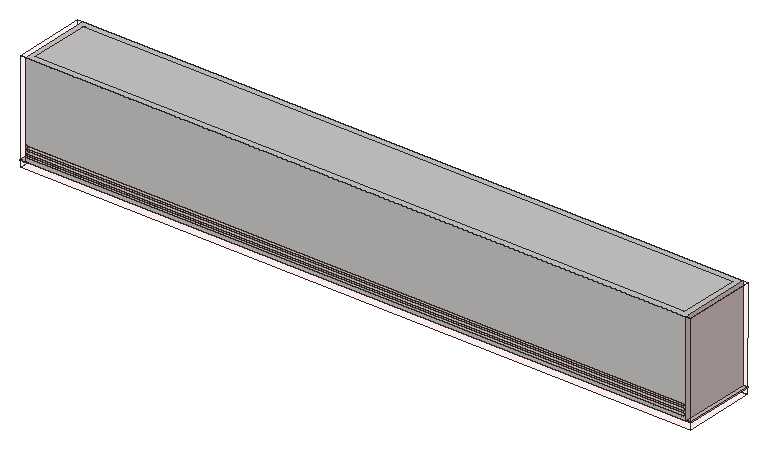
Revit family "Air-Curtain_Specialty_PoweredAire_HDX-Hazardous", category Mechanical Equipment, host Face, Revit 2019
Family settings
  Host = Face
  Round Connector Dimension = Use Diameter
  Part Type = Normal
  OmniClass Number = 23.75.35.17.21
  OmniClass Title = Air Curtains
  Cut with Voids When Loaded = No
  Shared = No
  Room Calculation Point = No
Parameters (values of type "192'' Nozzle")
  Warranty Duration (Years) = 0
  Unit Width Notes = "Other Widths available."  # constant formula
  Unit Width = 16' - 3 1/4"
  Unit Weight = 1170
  Unit Height = 1' - 9"
  Unit Depth = 2' - 3 1/4"
  URL = "http://www.poweredaire.com/"
  Test Data = ""
  Standards Conformance = "Class I C and D  ;  Class II F and G  ;  Made in USA"
  Specification = "http://www.arcat.com/sdspecs/htm04/23_34_33pai.htm"
  SpecWizard = ""
  Sound Pressure = ">69 dBA"
  Sales Information = "http://www.poweredaire.com/contact_us"
  Revision = "R1_2016-08"
  Projection from Host [instance] = 0' - 2"
  Product Properties = ""
  Product Data = "http://www.arcat.com/arcatcos/cos47/arc47623.html"
  Power Rating = 0 W
  Nozzle Width = if(1 = 1, Unit Width - 0' 3", 0' 0")  # 16' - 0 1/4"
  Mounting Width = if(1 = 1, Unit Width - 0' 1 1/2", 0' 0")  # 16' - 1 3/4"
  Mounting Height [instance] = 3' - 6"
  Motor RPM = 1160
  Motor HP = 3
  Motor Count = 3
  Model = "HDX-3-192"
  Max Height = 17' - 0"
  Manufacturer Website = "http://www.poweredaire.com/"
  Manufacturer Phone - Toll Free = "888-321-2473"
  Manufacturer Phone = "724-588-3305"
  Manufacturer Fax = "724-588-3371"
  Manufacturer Address = "109 Mortensen Rd.  Greenville, PA 16125"
  Manufacturer = "Powered Aire, Inc"
  Maintenance Schedule (Months) = 0
  Keynote = "23 34 33"
  Installation-Fabrication = ""
  Installation Phase = ""
  Include Clearance [instance] = yes
  Heating Element Load = 0 W
  HVAC_Temperature Rise = 0 °F
  HVAC_Outlet Volume = 15700 CFM
  HVAC_Outlet Velocity Uniformity = 0.863
  HVAC_Outlet Velocity = 6200 FPM
  Green Building-LEED = "http://www.arcat.com/green/clients/leed_data_47623.html"
  Front Grating Material [instance] = Metal - Steel - PoweredAire - Stainless 304 Perforated
  Frame Finish [instance] = Metal - Steel - PoweredAire - Stainless 304
  Expected Lifespan (Years) = 0
  Electrical_Wattage [instance] = Power Rating + Heating Element Load  # 0 W
  Electrical_Voltage [instance] = 0 V
  Electrical_Phase [instance] = 1
  Electrical_Frequency [instance] = 0 Hz
  Electrical_Amperage [instance] = 0 A
  Drawn By = "Sumex Design, Inc. / Robert S. Weygant, CSI, CDT, SCIP"
  Description = "Powered Aire Unheated Hazardous Area Air Curtain - HDX-3-192 as Specified"
  Default Elevation = 0' - 0"  # constant formula
  Copyright = "©Arcat Inc."
  Construction Details = "http://www.arcat.com/details/powair/prod3336.html"
  Clearance_Top [instance] = 0' - 0"
  Clearance_Side B [instance] = 0' - 0"
  Clearance_Side A [instance] = 0' - 0"
  Clearance_Intake [instance] = 0' - 0"
  Clearance_Bottom [instance] = 0' - 0"
  Clearance Material [instance] = ARCAT Clearance
  Building Codes = ""
  Available Options [instance] = "as Specified"
  Assembly Code = "D3090400"
Types (7): name | Unit Width | Unit Weight | Sound Pressure | Nozzle Width | Mounting Width | Motor Count | Model | HVAC_Outlet Volume | HVAC_Outlet Velocity Uniformity | HVAC_Outlet Velocity | Description
  192'' Nozzle | 16' - 3 1/4" | 1170 | ">69 dBA" | 16' - 0 1/4" | 16' - 1 3/4" | 3 | "HDX-3-192" | 15700 CFM | 0.863 | 6200 FPM | "Powered Aire Unheated Hazardous Area Air Curtain - HDX-3-192 as Specified"
  180'' Nozzle | 15' - 3 1/4" | 1150 | ">69 dBA" | 15' - 0 1/4" | 15' - 1 3/4" | 3 | "HDX-3-180" | 15000 CFM | 0.863 | 6200 FPM | "Powered Aire Unheated Hazardous Area Air Curtain - HDX-3-180 as Specified"
  144'' Nozzle | 12' - 3 1/8" | 830 | ">69 dBA" | 12' - 0 1/8" | 12' - 1 5/8" | 2 | "HDX-2-144" | 11200 CFM | 0.863 | 5900 FPM | "Powered Aire Unheated Hazardous Area Air Curtain - HDX-2-144 as Specified"
  132'' Nozzle | 11' - 3 1/8" | 805 | ">69 dBA" | 11' - 0 1/8" | 11' - 1 5/8" | 2 | "HDX-2-132" | 10400 CFM | 0.863 | 5900 FPM | "Powered Aire Unheated Hazardous Area Air Curtain - HDX-2-132 as Specified"
  120'' Nozzle | 10' - 3 1/8" | 785 | ">69 dBA" | 10' - 0 1/8" | 10' - 1 5/8" | 2 | "HDX-2-120" | 9700 CFM | 0.92 | 5800 FPM | "Powered Aire Unheated Hazardous Area Air Curtain - HDX-2-120 as Specified"
  72'' Nozzle | 6' - 3" | 420 | "69 dBA" | 6' - 0" | 6' - 1 1/2" | 1 | "HDX-1-72" | 5600 CFM | 0.863 | 5900 FPM | "Powered Aire Unheated Hazardous Area Air Curtain - HDX-1-72 as Specified"
  60'' Nozzle | 5' - 3" | 400 | "69 dBA" | 5' - 0" | 5' - 1 1/2" | 1 | "HDX-1-60" | 4900 CFM | 0.92 | 5800 FPM | "Powered Aire Unheated Hazardous Area Air Curtain - HDX-1-60 as Specified"
Reference planes (in)
  plane 1 "Center (Elevation)": y = 10.63818
  plane 2: z = 0
  plane 3 "Center (Left/Right)": x = 0
  plane 4: y = 21.13818
  plane 5 "BoC": y = 0.13818
  plane 6: x = -97.625
  plane 7: x = 97.625
  plane 8: z = 29.25
  plane 9 "FF": y = -41.86182
  plane 10: z = 2
  plane 11: x = 96.125
  plane 12: x = -96.125
  plane 13: y = 21.13818
  plane 14: y = 0.13818
  plane 15: x = -97.625
  plane 16: x = 97.625
  plane 17: z = 29.25
  plane 18: y = 0.13818
  plane 19: x = 96.0625
  plane 20: x = -96.0625
Forms (in)
  Extrusion 1, solid, material "ARCAT Clearance" <- "Clearance Material", visible <- "Include Clearance"
    sketch origin (0, 0, 0) x (0, 1, 0) y (0, 0, 1)
      loop
        line (0.13818, 29.25) -> (0.13818, 0) -> (21.13818, 0) -> (21.13818, 29.25) -> (0.13818, 29.25)
    from -97.625 to 97.625
  Extrusion 2, solid, material "Metal - Steel - PoweredAire - Stainless 304" <- "Frame Finish"
    sketch origin (0, 10.63818, 0) x (1, 0, 0) y (0, 0, 1)
      loop
        line (96.125, 29.25) -> (-96.125, 29.25) -> (-96.125, 2) -> (96.125, 2) -> (96.125, 29.25)
    from -10.5 to 10.5
  Extrusion 3, void
    sketch origin (0, 0, 0) x (0, 1, 0) y (0, 0, 1)
      loop
        line (0.13818, 4) -> (0.13818, 3) -> (1.63818, 3) -> (1.63818, 6.5) -> (0.13818, 6.5) -> (0.13818, 5.5) -> (1.38818, 5.5) -> (1.38818, 5.25) -> (0.13818, 5.25) -> (0.13818, 4.25) -> (1.38818, 4.25) -> (1.38818, 4) -> (0.13818, 4)
    from -96.0625 to 96.0625
  Extrusion 4, solid, material "Metal - Steel - PoweredAire - Stainless 304" <- "Frame Finish"
    sketch origin (-15.17702, -180, 2) x (-1, 0, 0) y (0, -1, 0)
      loop
        line (-111.30202, -201.13818) -> (-111.30202, -180.13818) -> (-112.80202, -180.13818) -> (-112.80202, -201.13818) -> (-111.30202, -201.13818)
      loop
        line (80.94798, -201.13818) -> (82.44798, -201.13818) -> (82.44798, -180.13818) -> (80.94798, -180.13818) -> (80.94798, -201.13818)
    from 0 to 0.125
  Extrusion 5, solid, material "Metal - Steel - PoweredAire - Stainless 304 Perforated" <- "Front Grating Material"
    sketch origin (96.125, 10.63818, 29.25) x (-1, 0, 0) y (0, -1, 0)
      loop
        line (1.5, -9) -> (190.75, -9) -> (190.75, 9) -> (1.5, 9) -> (1.5, -9)
    from 0 to 0.03125
Cuts and joins
  Extrusion 3 cuts Extrusion 2
Dimensions and locks (in)
  equal spacing: plane 4, plane 1 "Center (Elevation)", plane 5 "BoC"
  "Unit Height": plane 4 to plane 5 "BoC"
  equal spacing: plane 6, plane 3 "Center (Left/Right)", plane 7
  "Unit Width": plane 6 to plane 7
  "Mounting Height": plane 5 "BoC" to plane 9 "FF"
  "Projection from Host": plane 10 to level
  "Unit Depth": plane 8 to plane 10
  locked: plane 6 to plane 12 at 1.5
  locked: plane 11 to plane 7 at 1.5
  "Clearance_Side A": plane 7 to plane 16
  "Clearance_Side B": plane 15 to plane 6
  "Clearance_Top": plane 13 to plane 4
  "Clearance_Bottom": plane 5 "BoC" to plane 14
  "Clearance_Intake": plane 17 to plane 8
  locked: plane 7 to Extrusion 2 sketch curve at 1.5
  locked: Extrusion 2 sketch curve to plane 6 at 1.5
  locked: plane 18 to plane 5 "BoC" at 0
  locked: plane 12 to Extrusion 5 sketch curve at 1.5
  locked: Extrusion 5 sketch curve to plane 11 at 1.5
  locked: Extrusion 5 sketch curve to plane 5 "BoC" at 1.5
  locked: plane 20 to plane 12 at 0.0625
  locked: plane 11 to plane 19 at 0.0625
  Extrusion 3 sketch curve to Extrusion 3 sketch curve to Extrusion 3 sketch curve to Extrusion 3 sketch curve to Extrusion 3 sketch curve to Extrusion 3 sketch curve to plane 10 = 0' - 1" locked, 0' - 0 1/4" locked, 0' - 1" locked, 0' - 0 1/4" locked, 0' - 1" locked, 0' - 1" locked
  locked: plane 4 to Extrusion 5 sketch curve at 1.5
  aligned and locked: plane 2 to host face
  aligned and locked: level to host face
  aligned and locked: Extrusion 1 sketch curve to plane 17
  aligned and locked: plane 14 to Extrusion 1 sketch curve
  aligned and locked: level to Extrusion 1 sketch curve
  aligned and locked: Extrusion 1 sketch curve to plane 13
  aligned and locked: plane 16 to Extrusion 1
  aligned and locked: Extrusion 1 to plane 15
  aligned and locked: Extrusion 2 to plane 4
  aligned and locked: Extrusion 2 to plane 18
  aligned and locked: Extrusion 4 sketch curve to plane 4  (x2)
  aligned and locked: Extrusion 2 sketch curve to plane 10
  aligned and locked: Extrusion 3 to plane 20
  aligned and locked: plane 19 to Extrusion 3
  aligned and locked: Extrusion 2 sketch curve to plane 8
  aligned and locked: plane 18 to Extrusion 4 sketch curve  (x2)
Automatic sketch dimensions
  host sketch curve to host sketch curve = 8' - 0"  (x2)
  Extrusion 4 sketch curve to plane 7 = 0' - 0"
  Extrusion 4 sketch curve to plane 11 = 0' - 0"
  Extrusion 4 sketch curve to plane 12 = 0' - 0"
  Extrusion 4 sketch curve to plane 6 = 0' - 0"
  Extrusion 3 sketch curve to plane 5 "BoC" = 0' - 0"  (x3)
  plane 18 to Extrusion 3 sketch curve = 0' - 1 1/4"
  Extrusion 3 sketch curve to Extrusion 3 sketch curve = 0' - 0"
  Extrusion 3 sketch curve to Extrusion 3 sketch curve = 0' - 0 1/4"
Connectors (in)
  electrical at (-96.125, 10.63818, 15.625), driven by "Electrical_Voltage", driven by "Electrical_Phase"
    settings: on cut or joined group of Extrusion 2, Extrusion 3, index 1, voltage 0 V, apparent load 0 VA, apparent load phase1 0 VA, apparent load phase2 0 VA, apparent load phase3 0 VA, power factor 1, load classification "Other", number of poles 1, system type 31, power factor state 1, is connector primary yes, connector utility no, sub classification motor no, connector description ""
